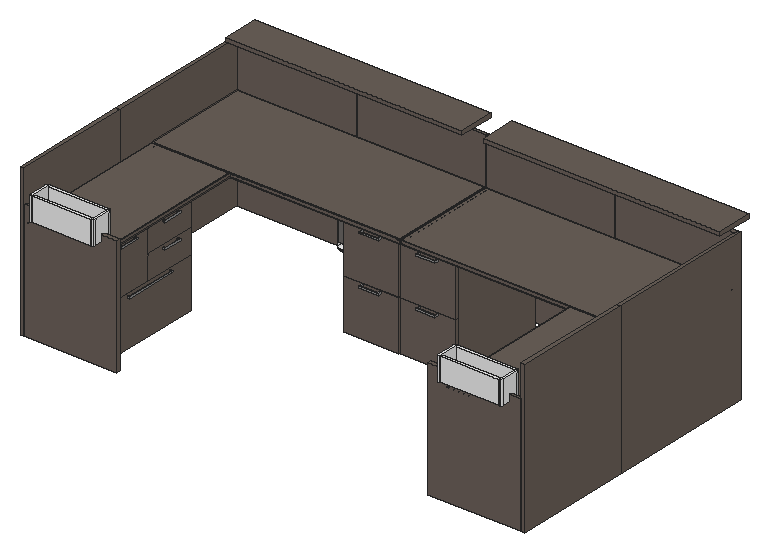
Revit family "OFS TYPICAL T200033", category Furniture, Revit 2022 (continued)
Definition of nested family "STAKS WORKSURFACE HEIGHT MULTI FILE PEDESTAL - NO RISER SUPPORT"
  Forms (in)
    Extrusion 2, solid, material <- "Drawer Material", visible <- "LDR"
      sketch origin (20.35211, 2.25, -7.68015) x (0, 1, 0) y (0, 0, 1)
        loop
          line (-1.62465, 28.68015) -> (-1.62465, 22.05515) -> (-0.87465, 22.05515) -> (-0.87465, 28.68015) -> (-1.62465, 28.68015)
      from -14.3125 to 0.5625
    Extrusion 3, solid, material <- "Chasis Material"
      sketch origin (-3, -1.24965, 0) x (1, 0, 0) y (0, 0, 1)
        loop
          line (8.97711, 0) -> (9.72711, 0) -> (9.72711, 27.875) -> (8.97711, 27.875) -> (8.97711, 0)
      from -21.25 to -2.625
    Extrusion 4, solid, material <- "Chasis Material"
      sketch origin (19.35211, 31.02324, 0) x (0, 1, 0) y (0, 0, 1)
        loop
          line (-11.77289, 0) -> (-11.02289, 0) -> (-11.02289, 27.875) -> (-11.77289, 27.875) -> (-11.77289, 0)
      from -12.625 to 15.875
    Extrusion 5, solid, material <- "Drawer Handle Material"
      sketch origin (9, 0, 9.60933) x (1, 0, 0) y (0, 1, 0)
        loop
          line (4.41461, 0.62535) -> (4.41461, -0.37465) -> (19.53961, -0.37465) -> (19.53961, 0.62535) -> (19.16461, 0.62535) -> (19.16461, -0.18715) -> (4.78961, -0.18715) -> (4.78961, 0.62535) -> (4.41461, 0.62535)
      from 3.92167 to 4.39067
    Extrusion 6, solid, material <- "Chasis Material"
      sketch origin (0, 0, 0) x (1, 0, 0) y (0, 1, 0)
        loop
          line (35.97711, 20.00035) -> (35.22711, 20.00035) -> (35.22711, 1.37535) -> (35.97711, 1.37535) -> (35.97711, 20.00035)
      from 0 to 27.875
    Extrusion 7, solid, material <- "Drawer Material", visible <- "LDR"
      sketch origin (20.35211, 2.25, 0.06985) x (0, 1, 0) y (0, 0, 1)
        loop
          line (-1.62465, 27.80515) -> (-1.62465, 21.05515) -> (-0.87465, 21.05515) -> (-0.87465, 27.80515) -> (-1.62465, 27.80515)
      from -14.3125 to 0.5625
    Extrusion 8, solid, material <- "Chasis Material"
      sketch origin (-29.79592, -1.62465, 7.24693) x (1, 0, 0) y (0, 0, 1)
        loop
          line (36.52304, 19.90932) -> (65.02304, 19.90932) -> (65.02304, 20.62807) -> (36.52304, 20.62807) -> (36.52304, 19.90932)
      from -18.375 to -14.375
    Extrusion 9, solid, material <- "Chasis Material"
      sketch origin (-29.79592, -7.12465, 7.24693) x (1, 0, 0) y (0, 0, 1)
        loop
          line (36.52304, 19.90932) -> (65.02304, 19.90932) -> (65.02304, 20.62807) -> (36.52304, 20.62807) -> (36.52304, 19.90932)
      from -15.5 to -11.5
    Extrusion 10, solid, material <- "Chasis Material"
      sketch origin (-31.5409, -1.62465, -42.72261) x (1, 0, 0) y (0, 0, 1)
        loop
          line (38.26801, 42.72261) -> (66.76801, 42.72261) -> (66.76801, 43.47261) -> (38.26801, 43.47261) -> (38.26801, 42.72261)
      from -20.875 to -3
    Extrusion 11, solid
      sketch origin (0, 0, 0) x (1, 0, 0) y (0, 1, 0)
        loop
          line (35.91411, 20.00035) -> (35.22711, 20.00035) -> (35.22711, 13.37535) -> (6.72711, 13.37535) -> (6.72711, 20.00035) -> (6.03961, 20.00035) -> (6.03961, 1.37535) -> (6.72711, 1.37535) -> (6.72711, 4.37535) -> (35.22711, 4.37535) -> (35.22711, 1.37535) -> (35.91411, 1.37535) -> (35.91411, 20.00035)
        loop
          line (35.22711, 5.00035) -> (35.22711, 12.75035) -> (6.72711, 12.75035) -> (6.72711, 5.00035) -> (35.22711, 5.00035)
      from 27.875 to 28
    Extrusion 12, solid, material <- "Drawer Material", visible <- "LDL"
      sketch origin (21.60211, 2.25, -7.68015) x (0, 1, 0) y (0, 0, -1)
        loop
          line (-1.62465, -28.68015) -> (-0.87465, -28.68015) -> (-0.87465, -22.05515) -> (-1.62465, -22.05515) -> (-1.62465, -28.68015)
      from -14.312 to 0.5625
    Extrusion 13, solid, material <- "Drawer Material", visible <- "LDL"
      sketch origin (21.60211, 2.25, 0.06985) x (0, 1, 0) y (0, 0, -1)
        loop
          line (-1.62465, -27.80515) -> (-0.87465, -27.80515) -> (-0.87465, -21.05515) -> (-1.62465, -21.05515) -> (-1.62465, -27.80515)
      from -14.312 to 0.5625
    Extrusion 14, solid, material <- "Drawer Handle Material"
      sketch origin (6, 0, 28.42137) x (1, 0, 0) y (0, 1, 0)
        loop
          line (4.75836, 0.62535) -> (4.75836, -0.37465) -> (10.25836, -0.37465) -> (10.25836, 0.62535) -> (9.88336, 0.62535) -> (9.88336, -0.18715) -> (5.13336, -0.18715) -> (5.13336, 0.62535) -> (4.75836, 0.62535)
      from -1.26512 to -0.79637
    Extrusion 15, solid, material <- "Drawer Handle Material"
      sketch origin (20.66456, -2.06097, 28.42137) x (1, 0, 0) y (0, 1, 0)
        loop
          line (5.06255, 2.68632) -> (5.06255, 1.68632) -> (10.56255, 1.68632) -> (10.56255, 2.68632) -> (10.18755, 2.68632) -> (10.18755, 1.87382) -> (5.43755, 1.87382) -> (5.43755, 2.68632) -> (5.06255, 2.68632)
      from -1.26512 to -0.79637
    Extrusion 16, solid, material <- "Drawer Handle Material", visible <- "LDR"
      sketch origin (7.00542, -0.5, 20.23287) x (1, 0, 0) y (0, 1, 0)
        loop
          line (3.75294, 1.12535) -> (3.75294, 0.12535) -> (9.25294, 0.12535) -> (9.25294, 1.12535) -> (8.87794, 1.12535) -> (8.87794, 0.31285) -> (4.12794, 0.31285) -> (4.12794, 1.12535) -> (3.75294, 1.12535)
      from 0.04813 to 0.51713
    Extrusion 17, solid, material <- "Drawer Handle Material", visible <- "LDL"
      sketch origin (21.66998, -2.56097, 20.23287) x (1, 0, 0) y (0, 1, 0)
        loop
          line (4.05713, 3.18632) -> (4.05713, 2.18632) -> (9.55713, 2.18632) -> (9.55713, 3.18632) -> (9.18213, 3.18632) -> (9.18213, 2.37382) -> (4.43213, 2.37382) -> (4.43213, 3.18632) -> (4.05713, 3.18632)
      from 0.04813 to 0.51713
    Extrusion 18, solid, material <- "Drawer Material", visible <- "LDL"
      sketch origin (24.41461, 28.53949, -8.13862) x (0, 1, 0) y (0, 0, 1)
        loop
          line (-27.91414, 36.01362) -> (-27.91414, 22.51362) -> (-27.16414, 22.51362) -> (-27.16414, 36.01362) -> (-27.91414, 36.01362)
      from -18.375 to -3.5
    Extrusion 19, solid, material <- "Drawer Material", visible <- "LDR"
      sketch origin (46.20051, 28.53949, -5.07681) x (0, 1, 0) y (0, 0, 1)
        loop
          line (-27.91414, 32.95181) -> (-27.91414, 19.45181) -> (-27.16414, 19.45181) -> (-27.16414, 32.95181) -> (-27.91414, 32.95181)
      from -25.1609 to -10.2864
  Dimensions and locks (in)
    "Board Thickness": plane 13 to plane 12
    locked: plane 11 to plane 14 at 0.0625
    "Board Thickness": plane 11 to plane 16
    locked: plane 15 to plane 18 at 0.063
    "Width": plane 11 to plane 18
    Extrusion 6 sketch curve to plane 18 = 0' - 0 3/4"
    "Board Thickness": plane 19 to plane 18
    equal spacing: plane 11, plane 2 "Right", plane 18
    locked: plane 20 to plane 21 at 0.375
    locked: plane 23 to plane 22 at 0.375
    equal spacing: plane 20, plane 2 "Right", plane 22
    "Drawer Handle Width": plane 20 to plane 22
    plane 25 to plane 24 to plane 13 = 0' - 0 3/16" locked, 0' - 0 13/16" locked
    "Riser Support": plane 6 to level
    "Height": plane 3 to plane 6
    "DH1": plane 4 to plane 6
    "DH2": plane 26 to plane 4
    locked: plane 30 to plane 6 at 0.25
    "Board Thickness": plane 31 to plane 17
    "Depth": plane 13 to plane 17
    plane 4 to plane 5 to plane 7 to plane 9 = 0' - 0 1/8" locked, 0' - 0 1/4" locked, 0' - 0.469" locked
    plane 26 to plane 27 to plane 28 to plane 29 = 0' - 0 1/8" locked, 0' - 0 1/4" locked, 0' - 0.469" locked
    plane 3 to plane 8 to plane 10 = 0' - 0 1/4" locked, 0' - 0 15/32" locked
    "Board Thickness": plane 32 to plane 6
    plane 12 to plane 34 to plane 35 = 0' - 3" locked, 0' - 4" locked
    plane 36 to plane 33 to plane 31 = 0' - 4" locked, 0' - 2 1/2" locked
    locked: plane 34 to plane 37 at 0.625
    locked: plane 36 to plane 38 at 0.625
    locked: plane 39 to plane 3 at 0.125
    plane 40 to plane 2 "Right" to plane 41 = 0' - 0 1/16" locked, 0' - 0 1/16" locked
    locked: plane 46 to plane 43 at 0.375
    locked: plane 44 to plane 45 at 0.375
    "Drawer Handle Width 2": plane 44 to plane 43
    locked: plane 51 to plane 48 at 0.375
    locked: plane 49 to plane 50 at 0.375
    "Drawer Handle Width 2": plane 49 to plane 48
    equal spacing: plane 44, plane 42, plane 43
    equal spacing: plane 48, plane 47, plane 49
    equal spacing: plane 14, plane 42, plane 2 "Right"
    equal spacing: plane 2 "Right", plane 47, plane 18
    aligned and locked: level to plane 1
    aligned and locked: Extrusion 1 to plane 14
    aligned and locked: plane 15 to Extrusion 1
    aligned and locked: Extrusion 2 to plane 12
    aligned and locked: plane 13 to Extrusion 2
    aligned and locked: Extrusion 2 to plane 14
    aligned and locked: plane 12 to Extrusion 3
    aligned and locked: Extrusion 3 to plane 17
    aligned and locked: Extrusion 4 to plane 16
    aligned and locked: plane 16 to Extrusion 3
    aligned and locked: Extrusion 3 to plane 11
    aligned and locked: Extrusion 4 to plane 17
    aligned and locked: Extrusion 1 sketch curve to plane 12
    aligned and locked: plane 13 to Extrusion 1 sketch curve
    aligned and locked: plane 19 to Extrusion 4
    aligned and locked: plane 3 to Extrusion 3
    aligned and locked: Extrusion 5 to plane 22
    aligned and locked: plane 23 to Extrusion 5
    aligned and locked: plane 21 to Extrusion 5
    aligned and locked: Extrusion 5 to plane 20
    aligned and locked: plane 7 to Extrusion 5
    aligned and locked: Extrusion 5 to plane 9
    aligned and locked: plane 3 to Extrusion 4
    aligned and locked: plane 27 to Extrusion 2
    aligned and locked: Extrusion 1 to plane 30
    aligned and locked: Extrusion 7 to plane 26
    aligned and locked: plane 3 to Extrusion 7
    aligned and locked: Extrusion 6 to plane 19
    aligned and locked: Extrusion 7 to plane 14
    aligned and locked: plane 3 to Extrusion 6
    aligned and locked: Extrusion 6 to plane 6
    aligned and locked: plane 3 to Extrusion 8
    aligned and locked: Extrusion 8 to plane 10
    aligned and locked: plane 19 to Extrusion 8
    aligned and locked: Extrusion 8 to plane 16
    aligned and locked: Extrusion 8 to plane 33
    aligned and locked: plane 36 to Extrusion 8
    aligned and locked: plane 34 to Extrusion 9
    aligned and locked: Extrusion 9 to plane 35
    aligned and locked: plane 3 to Extrusion 9
    aligned and locked: Extrusion 9 to plane 10
    aligned and locked: plane 32 to Extrusion 10
    aligned and locked: Extrusion 10 to plane 6
    aligned and locked: Extrusion 10 to plane 31
    aligned and locked: plane 12 to Extrusion 10
    aligned and locked: plane 19 to Extrusion 10
    aligned and locked: Extrusion 10 to plane 16
    aligned and locked: Extrusion 11 to plane 3
    aligned and locked: plane 39 to Extrusion 11
    aligned and locked: plane 40 to Extrusion 7
    aligned and locked: plane 40 to Extrusion 2
    aligned and locked: plane 41 to Extrusion 13
    aligned and locked: plane 41 to Extrusion 12
    aligned and locked: Extrusion 13 to plane 26
    aligned and locked: plane 27 to Extrusion 12
    aligned and locked: plane 3 to Extrusion 13
    aligned and locked: Extrusion 12 to plane 4
    aligned and locked: plane 15 to Extrusion 12
    aligned and locked: plane 15 to Extrusion 13
    aligned and locked: Extrusion 14 to plane 45  (x2)
    aligned and locked: plane 44 to Extrusion 14
    aligned and locked: plane 46 to Extrusion 14
    aligned and locked: Extrusion 14 to plane 43
    aligned and locked: Extrusion 14 to plane 24
    aligned and locked: plane 25 to Extrusion 14
    aligned and locked: Extrusion 14 to plane 13  (x2)
    aligned and locked: Extrusion 15 to plane 13  (x2)
    aligned and locked: Extrusion 15 to plane 24
    aligned and locked: plane 25 to Extrusion 15
    aligned and locked: plane 48 to Extrusion 15
    aligned and locked: Extrusion 15 to plane 51
    aligned and locked: Extrusion 15 to plane 49
    aligned and locked: plane 50 to Extrusion 15
    aligned and locked: plane 8 to Extrusion 14
    aligned and locked: plane 8 to Extrusion 15
    aligned and locked: Extrusion 14 to plane 10
    aligned and locked: Extrusion 15 to plane 10
    aligned and locked: Extrusion 16 to plane 13  (x2)
    aligned and locked: Extrusion 17 to plane 13  (x2)
    aligned and locked: Extrusion 17 to plane 24
    aligned and locked: plane 25 to Extrusion 17
    aligned and locked: Extrusion 16 to plane 24
    aligned and locked: plane 25 to Extrusion 16
    aligned and locked: plane 44 to Extrusion 16
    aligned and locked: Extrusion 16 to plane 45
    aligned and locked: plane 46 to Extrusion 16
    aligned and locked: Extrusion 16 to plane 43
    aligned and locked: plane 48 to Extrusion 17
    aligned and locked: Extrusion 17 to plane 51
    aligned and locked: plane 50 to Extrusion 17
    aligned and locked: Extrusion 17 to plane 49
    aligned and locked: plane 28 to Extrusion 16
    aligned and locked: Extrusion 16 to plane 29
    aligned and locked: plane 28 to Extrusion 17
    aligned and locked: Extrusion 17 to plane 29
    aligned and locked: Extrusion 4 to plane 6
    aligned and locked: Extrusion 3 to plane 6
    aligned and locked: Extrusion 18 to plane 14
    aligned and locked: plane 40 to Extrusion 18
    aligned and locked: Extrusion 18 to plane 4
    aligned and locked: plane 41 to Extrusion 19
    aligned and locked: Extrusion 19 to plane 4
    aligned and locked: plane 15 to Extrusion 19
    aligned and locked: plane 3 to Extrusion 19
    aligned and locked: plane 3 to Extrusion 18
    aligned and locked: plane 13 to Extrusion 18
    aligned and locked: plane 13 to Extrusion 19
    aligned and locked: Extrusion 18 to plane 12
    aligned and locked: Extrusion 19 to plane 12
    aligned and locked: plane 12 to Extrusion 11  (x2)
  Automatic sketch dimensions
    Extrusion 1 sketch curve to plane 30 = 0' - 0"
    Extrusion 1 sketch curve to plane 5 = 0' - 0"
    Extrusion 2 sketch curve to plane 13 = 0' - 0"
    Extrusion 2 sketch curve to plane 4 = 0' - 0"
    Extrusion 2 sketch curve to plane 12 = 0' - 0"
    Extrusion 2 sketch curve to plane 27 = 0' - 0"
    Extrusion 3 sketch curve to plane 6 = 0' - 0"
    Extrusion 3 sketch curve to plane 11 = 0' - 0"
    Extrusion 3 sketch curve to plane 3 = 0' - 0"
    Extrusion 3 sketch curve to plane 16 = 0' - 0"
    Extrusion 4 sketch curve to plane 6 = 0' - 0"
    Extrusion 4 sketch curve to plane 3 = 0' - 0"
    Extrusion 4 sketch curve to plane 17 = 0' - 0"
    plane 31 to Extrusion 4 sketch curve = 0' - 0"
    plane 13 to Extrusion 5 sketch curve = 0' - 0"  (x2)
    Extrusion 5 sketch curve to plane 20 = 0' - 0"
    Extrusion 5 sketch curve to plane 21 = 0' - 0"
    Extrusion 5 sketch curve to plane 23 = 0' - 0"
    Extrusion 5 sketch curve to plane 22 = 0' - 0"
    plane 25 to Extrusion 5 sketch curve = 0' - 0"
    plane 24 to Extrusion 5 sketch curve = 0' - 0"
    plane 12 to Extrusion 6 sketch curve = 0' - 0"
    Extrusion 6 sketch curve to plane 18 = 0' - 0"
    plane 17 to Extrusion 6 sketch curve = 0' - 0"
    Extrusion 7 sketch curve to plane 3 = 0' - 0"
    Extrusion 7 sketch curve to plane 13 = 0' - 0"
    Extrusion 7 sketch curve to plane 12 = 0' - 0"
    Extrusion 7 sketch curve to plane 26 = 0' - 0"
    Extrusion 8 sketch curve to plane 10 = 0' - 0"
    Extrusion 8 sketch curve to plane 16 = 0' - 0"
    Extrusion 8 sketch curve to plane 3 = 0' - 0"
    Extrusion 8 sketch curve to plane 19 = 0' - 0"
    Extrusion 9 sketch curve to plane 10 = 0' - 0"
    Extrusion 9 sketch curve to plane 16 = 0' - 0"
    Extrusion 9 sketch curve to plane 3 = 0' - 0"
    Extrusion 9 sketch curve to plane 19 = 0' - 0"
    Extrusion 10 sketch curve to plane 6 = 0' - 0"
    Extrusion 10 sketch curve to plane 16 = 0' - 0"
    Extrusion 10 sketch curve to plane 19 = 0' - 0"
    Extrusion 10 sketch curve to plane 32 = 0' - 0"
    Extrusion 11 sketch curve to plane 14 = 0' - 0"
    Extrusion 11 sketch curve to plane 16 = 0' - 0"  (x3)
    Extrusion 11 sketch curve to plane 19 = 0' - 0"  (x3)
    plane 17 to Extrusion 11 sketch curve = 0' - 0"  (x2)
    Extrusion 11 sketch curve to plane 13 = 0' - 0 3/4"  (x2)
    Extrusion 11 sketch curve to plane 15 = 0' - 0"
    plane 34 to Extrusion 11 sketch curve = 0' - 0"
    plane 37 to Extrusion 11 sketch curve = 0' - 0"
    plane 36 to Extrusion 11 sketch curve = 0' - 0"
    plane 38 to Extrusion 11 sketch curve = 0' - 0"
    Extrusion 12 sketch curve to plane 13 = 0' - 0"
    plane 4 to Extrusion 12 sketch curve = 0' - 0"
    Extrusion 12 sketch curve to plane 12 = 0' - 0"
    plane 27 to Extrusion 12 sketch curve = 0' - 0"
    plane 3 to Extrusion 13 sketch curve = 0' - 0"
    Extrusion 13 sketch curve to plane 13 = 0' - 0"
    Extrusion 13 sketch curve to plane 12 = 0' - 0"
    plane 26 to Extrusion 13 sketch curve = 0' - 0"
    plane 13 to Extrusion 14 sketch curve = 0' - 0"  (x2)
    Extrusion 14 sketch curve to plane 44 = 0' - 0"
    Extrusion 14 sketch curve to plane 45 = 0' - 0"
    plane 24 to Extrusion 14 sketch curve = 0' - 0"
    Extrusion 14 sketch curve to plane 46 = 0' - 0"
    Extrusion 14 sketch curve to plane 43 = 0' - 0"
    plane 25 to Extrusion 14 sketch curve = 0' - 0"
    plane 13 to Extrusion 15 sketch curve = 0' - 0"  (x2)
    Extrusion 15 sketch curve to plane 48 = 0' - 0"
    Extrusion 15 sketch curve to plane 51 = 0' - 0"
    plane 24 to Extrusion 15 sketch curve = 0' - 0"
    Extrusion 15 sketch curve to plane 50 = 0' - 0"
    Extrusion 15 sketch curve to plane 49 = 0' - 0"
    plane 25 to Extrusion 15 sketch curve = 0' - 0"
    plane 13 to Extrusion 16 sketch curve = 0' - 0"  (x2)
    Extrusion 16 sketch curve to plane 44 = 0' - 0"
    Extrusion 16 sketch curve to plane 45 = 0' - 0"
    plane 24 to Extrusion 16 sketch curve = 0' - 0"
    Extrusion 16 sketch curve to plane 46 = 0' - 0"
    Extrusion 16 sketch curve to plane 43 = 0' - 0"
    plane 25 to Extrusion 16 sketch curve = 0' - 0"
    plane 13 to Extrusion 17 sketch curve = 0' - 0"  (x2)
    Extrusion 17 sketch curve to plane 48 = 0' - 0"
    Extrusion 17 sketch curve to plane 51 = 0' - 0"
    plane 24 to Extrusion 17 sketch curve = 0' - 0"
    Extrusion 17 sketch curve to plane 50 = 0' - 0"
    Extrusion 17 sketch curve to plane 49 = 0' - 0"
    plane 25 to Extrusion 17 sketch curve = 0' - 0"
    plane 36 to Extrusion 18 sketch curve = 1' - 0 1/8"
    plane 4 to Extrusion 18 sketch curve = 0' - 0"
    Extrusion 18 sketch curve to Extrusion 18 sketch curve = 0' - 0 3/4"
    plane 26 to Extrusion 18 sketch curve = 0' - 6 3/4"
    plane 36 to Extrusion 19 sketch curve = 1' - 0 1/8"
    Extrusion 19 sketch curve to plane 29 = 0' - 5.906"
    Extrusion 19 sketch curve to Extrusion 19 sketch curve = 0' - 0 3/4"
    plane 10 to Extrusion 19 sketch curve = 0' - 0 23/32"
Definition of nested family "STAKS WORKSURFACE HEIGHT PEDESTAL - FILE-FILE - NO RISER SUPPORT"
  Parameters (values of type "STAKS WORKSURFACE HEIGHT PEDESTAL - FILE-FILE - NO RISER SUPPORT 19in D")
    URL = "http://www.ofs.com/"
    Riser Support = 0' - 0"
    Model = "6-NW1619MPD3"
    Manufacturer = "OFS"
    Height = 2' - 3 7/8"
    Drawer Material = none
    Drawer Handle Width = 0' - 5 7/16"
    Drawer Handle Material = none
    Description = "OFS STAKS WORKSURFACE HEIGHT PEDESTAL - FILE-FILE - NO RISER SUPPORT 19\" D, Two File Drawers, Use with 22\"D Worksurfaces"
    Width = 1' - 3 5/8"
    Depth = 1' - 7 3/8"
    Default Elevation = 0' - 0"
    DH2 = 0' - 6 1/2"
    DH1 = 1' - 2 3/8"
    Copyright © = "© 2018 OFS"
    Chasis Material = none
    Catalog = "https://ofs.com/products/casegoods/private-office/staks"
    Board Thickness = 0' - 0 3/4"
    Authoring Version = "Autodesk Revit Architecture 2013"
    Assembly Code = "E2020200"
  Types (6): name | Model | Description | Depth
    STAKS WORKSURFACE HEIGHT PEDESTAL - FILE-FILE - NO RISER SUPPORT 19in D | "6-NW1619MPD3" | "OFS STAKS WORKSURFACE HEIGHT PEDESTAL - FILE-FILE - NO RISER SUPPORT 19\" D, Two File Drawers, Use with 22\"D Worksurfaces" | 1' - 7 3/8"
    STAKS WORKSURFACE HEIGHT PEDESTAL - FILE-FILE - NO RISER SUPPORT 22in D | "6-NW1622MPD3" | "OFS STAKS WORKSURFACE HEIGHT PEDESTAL - FILE-FILE - NO RISER SUPPORT 22\" D, Two File Drawers, Use with 22\"D Worksurfaces" | 1' - 9 7/8"
    STAKS WORKSURFACE HEIGHT PEDESTAL - FILE-FILE - NO RISER SUPPORT 27in D | "6-NW1627MPD3" | "OFS STAKS WORKSURFACE HEIGHT PEDESTAL - FILE-FILE - NO RISER SUPPORT 27\" D, Two File Drawers, Use with 30\"D Worksurfaces" | 2' - 3 3/8"
    STAKS WORKSURFACE HEIGHT PEDESTAL - FILE-FILE - NO RISER SUPPORT 30in D | "6-NW1630MPD3" | "OFS STAKS WORKSURFACE HEIGHT PEDESTAL - FILE-FILE - NO RISER SUPPORT 30\" D, Two File Drawers, Use with 30\"D Worksurfaces" | 2' - 5 7/8"
    STAKS WORKSURFACE HEIGHT PEDESTAL - FILE-FILE - NO RISER SUPPORT 33in D | "6-NW1633MPD3" | "OFS STAKS WORKSURFACE HEIGHT PEDESTAL - FILE-FILE - NO RISER SUPPORT 33\" D, Two File Drawers, Use with 36\"D Worksurfaces" | 2' - 9 3/8"
    STAKS WORKSURFACE HEIGHT PEDESTAL - FILE-FILE - NO RISER SUPPORT 36in D | "6-NW1636MPD3" | "OFS STAKS WORKSURFACE HEIGHT PEDESTAL - FILE-FILE - NO RISER SUPPORT 36\" D, Two File Drawers, Use with 36\"D Worksurfaces" | 2' - 11 7/8"
  Reference planes (in)
    plane 1: z = 0
    plane 2 "Right": x = 20.97711
    plane 3: z = 27.875
    plane 4: z = 14.375
    plane 5: z = 14.25
    plane 6: z = 0
    plane 7: z = 14
    plane 8: z = 27.625
    plane 9: z = 13.531
    plane 10: z = 27.15625
    plane 11: x = 13.16461
    plane 12: y = 1.37535
    plane 13: y = 0.62535
    plane 14: x = 13.22711
    plane 15: x = 28.72661
    plane 16: x = 13.91461
    plane 17: y = 20.00035
    plane 18: x = 28.78961
    plane 19: x = 28.03961
    plane 20: x = 18.25836
    plane 21: x = 18.63336
    plane 22: x = 23.69586
    plane 23: x = 23.32086
    plane 24: y = -0.18715
    plane 25: y = -0.37465
    plane 26: z = 0.25
    plane 27: y = 19.25035
    plane 28: z = 0.75
    plane 29: y = 16.75035
    plane 30: y = 4.37535
    plane 31: y = 8.37535
    plane 32: y = 12.75035
    plane 33: y = 5.00035
    plane 34: y = 13.37535
    plane 35: z = 28
  Forms (in)
    Extrusion 1, solid, material <- "Drawer Material"
      sketch origin (20.35211, 5, -13.1802) x (0, 1, 0) y (0, 0, 1)
        loop
          line (-4.37465, 27.4302) -> (-4.37465, 13.4302) -> (-3.62465, 13.4302) -> (-3.62465, 27.4302) -> (-4.37465, 27.4302)
      from -7.125 to 8.3745
    Extrusion 2, solid, material <- "Drawer Material"
      sketch origin (20.35211, 2.25, -7.68015) x (0, 1, 0) y (0, 0, 1)
        loop
          line (-1.62465, 35.55515) -> (-1.62465, 22.05515) -> (-0.87465, 22.05515) -> (-0.87465, 35.55515) -> (-1.62465, 35.55515)
      from -7.125 to 8.3745
    Extrusion 3, solid, material <- "Chasis Material"
      sketch origin (-3, -1.24965, 0) x (1, 0, 0) y (0, 0, 1)
        loop
          line (16.16461, 0) -> (16.91461, 0) -> (16.91461, 27.875) -> (16.16461, 27.875) -> (16.16461, 0)
      from -21.25 to -2.625
    Extrusion 4, solid, material <- "Chasis Material"
      sketch origin (19.35211, 31.02324, 0) x (0, 1, 0) y (0, 0, 1)
        loop
          line (-11.77289, 0) -> (-11.02289, 0) -> (-11.02289, 27.875) -> (-11.77289, 27.875) -> (-11.77289, 0)
      from -5.4375 to 8.6875
    Extrusion 5, solid, material <- "Drawer Handle Material"
      sketch origin (9, 0, 9.60933) x (1, 0, 0) y (0, 1, 0)
        loop
          line (9.25836, 0.62535) -> (9.25836, -0.37465) -> (14.69586, -0.37465) -> (14.69586, 0.62535) -> (14.32086, 0.62535) -> (14.32086, -0.18715) -> (9.63336, -0.18715) -> (9.63336, 0.62535) -> (9.25836, 0.62535)
      from 3.92167 to 4.39067
    Extrusion 6, solid, material <- "Drawer Handle Material"
      sketch origin (9, 0, 20.67137) x (1, 0, 0) y (0, 1, 0)
        loop
          line (9.25836, 0.62535) -> (9.25836, -0.37465) -> (14.69586, -0.37465) -> (14.69586, 0.62535) -> (14.32086, 0.62535) -> (14.32086, -0.18715) -> (9.63336, -0.18715) -> (9.63336, 0.62535) -> (9.25836, 0.62535)
      from 6.48488 to 6.95363
    Extrusion 7, solid, material <- "Chasis Material"
      sketch origin (0, 0, 0) x (1, 0, 0) y (0, 1, 0)
        loop
          line (28.78961, 20.00035) -> (28.03961, 20.00035) -> (28.03961, 1.37535) -> (28.78961, 1.37535) -> (28.78961, 20.00035)
      from 0 to 27.875
    Extrusion 8, solid, material <- "Chasis Material"
      sketch origin (-29.79592, -1.62465, 7.24693) x (1, 0, 0) y (0, 0, 1)
        loop
          line (43.71054, 19.90932) -> (57.83554, 19.90932) -> (57.83554, 20.62807) -> (43.71054, 20.62807) -> (43.71054, 19.90932)
      from -18.375 to -14.375
    Extrusion 9, solid, material <- "Chasis Material"
      sketch origin (-29.79592, -7.12465, 7.24693) x (1, 0, 0) y (0, 0, 1)
        loop
          line (43.71054, 19.90932) -> (57.83554, 19.90932) -> (57.83554, 20.62807) -> (43.71054, 20.62807) -> (43.71054, 19.90932)
      from -15.5 to -11.5
    Extrusion 10, solid, material <- "Chasis Material"
      sketch origin (-31.5409, -1.62465, -42.72261) x (1, 0, 0) y (0, 0, 1)
        loop
          line (45.45551, 42.72261) -> (59.58051, 42.72261) -> (59.58051, 43.47261) -> (45.45551, 43.47261) -> (45.45551, 42.72261)
      from -20.875 to -3
    Extrusion 11, solid
      sketch origin (0, 0, 0) x (1, 0, 0) y (0, 1, 0)
        loop
          line (28.72661, 20.00035) -> (28.03961, 20.00035) -> (28.03961, 13.37535) -> (13.91461, 13.37535) -> (13.91461, 20.00035) -> (13.22711, 20.00035) -> (13.22711, 1.37535) -> (13.91461, 1.37535) -> (13.91461, 4.37535) -> (28.03961, 4.37535) -> (28.03961, 1.37535) -> (28.72661, 1.37535) -> (28.72661, 20.00035)
        loop
          line (28.03961, 5.00035) -> (28.03961, 12.75035) -> (13.91461, 12.75035) -> (13.91461, 5.00035) -> (28.03961, 5.00035)
      from 27.875 to 28
  Dimensions and locks (in)
    "Board Thickness": plane 13 to plane 12
    locked: plane 11 to plane 14 at 0.0625
    "Board Thickness": plane 11 to plane 16
    locked: plane 15 to plane 18 at 0.063
    "Width": plane 11 to plane 18
    Extrusion 7 sketch curve to plane 18 = 0' - 0 3/4"
    "Board Thickness": plane 19 to plane 18
    equal spacing: plane 11, plane 2 "Right", plane 18
    locked: plane 20 to plane 21 at 0.375
    locked: plane 23 to plane 22 at 0.375
    equal spacing: plane 20, plane 2 "Right", plane 22
    "Drawer Handle Width": plane 20 to plane 22
    plane 25 to plane 24 to plane 13 = 0' - 0 3/16" locked, 0' - 0 13/16" locked
    "Riser Support": plane 6 to level
    "Height": plane 3 to plane 6
    "DH1": plane 4 to plane 6
    locked: plane 26 to plane 6 at 0.25
    "Board Thickness": plane 27 to plane 17
    "Depth": plane 13 to plane 17
    plane 4 to plane 5 to plane 7 to plane 9 = 0' - 0 1/8" locked, 0' - 0 1/4" locked, 0' - 0.469" locked
    plane 3 to plane 8 to plane 10 = 0' - 0 1/4" locked, 0' - 0 15/32" locked
    "Board Thickness": plane 28 to plane 6
    plane 12 to plane 30 to plane 31 = 0' - 3" locked, 0' - 4" locked
    plane 32 to plane 29 to plane 27 = 0' - 4" locked, 0' - 2 1/2" locked
    locked: plane 30 to plane 33 at 0.625
    locked: plane 32 to plane 34 at 0.625
    locked: plane 35 to plane 3 at 0.125
    aligned and locked: level to plane 1
    aligned and locked: Extrusion 1 to plane 14
    aligned and locked: plane 15 to Extrusion 1
    aligned and locked: Extrusion 2 to plane 12
    aligned and locked: plane 13 to Extrusion 2
    aligned and locked: plane 15 to Extrusion 2
    aligned and locked: Extrusion 2 to plane 14
    aligned and locked: plane 12 to Extrusion 3
    aligned and locked: Extrusion 3 to plane 17
    aligned and locked: Extrusion 4 to plane 16
    aligned and locked: plane 16 to Extrusion 3
    aligned and locked: Extrusion 3 to plane 11
    aligned and locked: Extrusion 4 to plane 17
    aligned and locked: Extrusion 1 sketch curve to plane 12
    aligned and locked: plane 13 to Extrusion 1 sketch curve
    aligned and locked: plane 19 to Extrusion 4
    aligned and locked: plane 3 to Extrusion 3
    aligned and locked: Extrusion 6 to plane 22
    aligned and locked: Extrusion 5 to plane 22
    aligned and locked: plane 23 to Extrusion 6
    aligned and locked: plane 23 to Extrusion 5
    aligned and locked: plane 21 to Extrusion 6
    aligned and locked: plane 21 to Extrusion 5
    aligned and locked: Extrusion 6 to plane 20
    aligned and locked: Extrusion 5 to plane 20
    aligned and locked: plane 24 to Extrusion 6
    aligned and locked: plane 7 to Extrusion 5
    aligned and locked: Extrusion 5 to plane 9
    aligned and locked: plane 3 to Extrusion 4
    aligned and locked: Extrusion 1 to plane 26
    aligned and locked: Extrusion 7 to plane 19
    aligned and locked: plane 3 to Extrusion 7
    aligned and locked: Extrusion 7 to plane 6
    aligned and locked: plane 3 to Extrusion 8
    aligned and locked: Extrusion 8 to plane 10
    aligned and locked: plane 19 to Extrusion 8
    aligned and locked: Extrusion 8 to plane 16
    aligned and locked: Extrusion 8 to plane 29
    aligned and locked: plane 32 to Extrusion 8
    aligned and locked: plane 30 to Extrusion 9
    aligned and locked: Extrusion 9 to plane 31
    aligned and locked: plane 3 to Extrusion 9
    aligned and locked: Extrusion 9 to plane 10
    aligned and locked: plane 28 to Extrusion 10
    aligned and locked: Extrusion 10 to plane 6
    aligned and locked: Extrusion 10 to plane 27
    aligned and locked: plane 12 to Extrusion 10
    aligned and locked: plane 19 to Extrusion 10
    aligned and locked: Extrusion 10 to plane 16
    aligned and locked: Extrusion 11 to plane 3
    aligned and locked: plane 35 to Extrusion 11
    aligned and locked: plane 3 to Extrusion 2
    aligned and locked: plane 8 to Extrusion 6
    aligned and locked: Extrusion 6 to plane 10
  Automatic sketch dimensions
    Extrusion 1 sketch curve to plane 26 = 0' - 0"
    Extrusion 1 sketch curve to plane 5 = 0' - 0"
    Extrusion 2 sketch curve to plane 13 = 0' - 0"
    Extrusion 2 sketch curve to plane 4 = 0' - 0"
    Extrusion 2 sketch curve to plane 12 = 0' - 0"
    Extrusion 3 sketch curve to plane 6 = 0' - 0"
    Extrusion 3 sketch curve to plane 11 = 0' - 0"
    Extrusion 3 sketch curve to plane 3 = 0' - 0"
    Extrusion 3 sketch curve to plane 16 = 0' - 0"
    Extrusion 4 sketch curve to plane 6 = 0' - 0"
    Extrusion 4 sketch curve to plane 3 = 0' - 0"
    Extrusion 4 sketch curve to plane 17 = 0' - 0"
    plane 27 to Extrusion 4 sketch curve = 0' - 0"
    plane 13 to Extrusion 5 sketch curve = 0' - 0"  (x2)
    Extrusion 5 sketch curve to plane 20 = 0' - 0"
    Extrusion 5 sketch curve to plane 21 = 0' - 0"
    Extrusion 5 sketch curve to plane 23 = 0' - 0"
    Extrusion 5 sketch curve to plane 22 = 0' - 0"
    plane 25 to Extrusion 5 sketch curve = 0' - 0"
    plane 24 to Extrusion 5 sketch curve = 0' - 0"
    plane 13 to Extrusion 6 sketch curve = 0' - 0"  (x2)
    Extrusion 6 sketch curve to plane 20 = 0' - 0"
    Extrusion 6 sketch curve to plane 21 = 0' - 0"
    Extrusion 6 sketch curve to plane 23 = 0' - 0"
    Extrusion 6 sketch curve to plane 22 = 0' - 0"
    plane 25 to Extrusion 6 sketch curve = 0' - 0"
    plane 24 to Extrusion 6 sketch curve = 0' - 0"
    plane 12 to Extrusion 7 sketch curve = 0' - 0"
    Extrusion 7 sketch curve to plane 18 = 0' - 0"
    plane 17 to Extrusion 7 sketch curve = 0' - 0"
    Extrusion 8 sketch curve to plane 10 = 0' - 0"
    Extrusion 8 sketch curve to plane 16 = 0' - 0"
    Extrusion 8 sketch curve to plane 3 = 0' - 0"
    Extrusion 8 sketch curve to plane 19 = 0' - 0"
    Extrusion 9 sketch curve to plane 10 = 0' - 0"
    Extrusion 9 sketch curve to plane 16 = 0' - 0"
    Extrusion 9 sketch curve to plane 3 = 0' - 0"
    Extrusion 9 sketch curve to plane 19 = 0' - 0"
    plane 14 to Extrusion 10 sketch curve = 0' - 0 11/16"
    Extrusion 10 sketch curve to plane 6 = 0' - 0"
    plane 6 to Extrusion 10 sketch curve = 0' - 0 3/4"
    Extrusion 10 sketch curve to plane 19 = 0' - 0"
    Extrusion 11 sketch curve to plane 14 = 0' - 0"
    Extrusion 11 sketch curve to plane 19 = 0' - 0"  (x2)
    Extrusion 11 sketch curve to plane 15 = 0' - 0"
    Extrusion 11 sketch curve to plane 13 = 0' - 0 3/4"  (x2)
    Extrusion 11 sketch curve to plane 30 = 0' - 0"
    Extrusion 11 sketch curve to plane 33 = 0' - 0"
    Extrusion 11 sketch curve to plane 34 = 0' - 0"
    Extrusion 11 sketch curve to plane 32 = 0' - 0"
    Extrusion 11 sketch curve to Extrusion 11 sketch curve = 0' - 0"  (x2)
    Extrusion 11 sketch curve to plane 16 = 0' - 0"  (x2)
    plane 17 to Extrusion 11 sketch curve = 0' - 0"  (x2)
    plane 4 to Extrusion 2 sketch curve = 1' - 1 1/2"
Definition of nested family "STAKS BENCHING CANTILEVER WORKSURFACE BRACKET - MINI CONCEALED"
  Parameters (values of type "STAKS CANTILEVER WORKSURFACE BRACKET - MINI CONCEALED")
    Width = 0' - 1 1/2"
    URL = "http://www.ofs.com/"
    Model = "WSBKTC"
    Manufacturer = "OFS"
    Height From Floor = 2' - 3 7/8"
    Height = 0' - 3 1/2"
    Description = "OFS STAKS BENCHING CANTILEVER WORKSURFACE BRACKET - Low Profile Concealed Cantilever Bracket"
    Depth = 0' - 3 1/2"
    Default Elevation = 0' - 0"
    Copyright © = "© 2018 OFS"
    Catalog = "https://ofs.com/products/open-plan/benching/staks"
    Bracket Material = none
    Authoring Version = "Autodesk Revit Architecture 2013"
    Assembly Code = "E2020200"
  Reference planes (in)
    plane 1: z = 0
    plane 2 "Center (Front/Back)": y = 1.12535
    plane 3 "LEFT": x = -17.25
    plane 4 "BASE TOP": z = 27.875
    plane 5 "RIGHT": x = -15.75
    plane 6: z = 24.375
    plane 7: y = 2.87535
    plane 8 "CENTER": x = -16.5
    plane 9: y = -0.62465
    plane 10: z = 26.875
    plane 11: y = 1.87535
    plane 12: z = 24.875
    plane 13: y = -0.12465
    plane 14: x = -16.375
    plane 15: x = -16.625
    plane 16: y = 0.50035
  Forms (in)
    Extrusion 1, solid, material <- "Bracket Material"
      sketch origin (-16.5, 0, 0) x (0, 1, 0) y (0, 0, 1)
        loop
          line (-0.62465, 27.875) -> (-0.62465, 27.82031) -> (1.8527, 27.82031) -> (2.82066, 26.85235) -> (2.82066, 24.375) -> (2.87535, 24.375) -> (2.87535, 26.875) -> (1.87535, 27.875) -> (-0.62465, 27.875)
      from -0.75 to 0.75
    Extrusion 2, void
      sketch origin (0, 1.12535, 0) x (1, 0, 0) y (0, 0, 1)
        loop
          circle (-16.99183, 26.15668) r 0.09375
        loop
          circle (-16.00817, 25.13628) r 0.09375
      from -1.75 to -1.1009
    Extrusion 3, void
      sketch origin (0, 0, 0) x (1, 0, 0) y (0, 1, 0)
        loop
          circle (-16.93617, 1.09413) r 0.09375
        loop
          circle (-16.06383, -0.12462) r 0.09375
      from 25.0365 to 29.23009
  Cuts and joins
    Extrusion 2, Extrusion 3 cuts Extrusion 1
  Dimensions and locks (in)
    "Height From Floor": plane 4 "BASE TOP" to plane 1
    "Height": plane 4 "BASE TOP" to plane 6
    equal spacing: plane 3 "LEFT", plane 8 "CENTER", plane 5 "RIGHT"
    equal spacing: plane 9, plane 2 "Center (Front/Back)", plane 7
    "Width": plane 3 "LEFT" to plane 5 "RIGHT"
    "Depth": plane 9 to plane 7
    locked: plane 4 "BASE TOP" to plane 10 at 1
    locked: plane 7 to plane 11 at 1
    locked: plane 13 to plane 9 at 0.5
    locked: plane 6 to plane 12 at 0.5
    plane 14 to plane 8 "CENTER" to plane 15 = 0' - 0 1/8" locked, 0' - 0 1/8" locked
    plane 16 to plane 13 = 0' - 0 5/8"
    aligned and locked: level to plane 1
    aligned and locked: plane 4 "BASE TOP" to Extrusion 1 sketch curve
    aligned and locked: plane 7 to Extrusion 1 sketch curve
    aligned and locked: plane 9 to Extrusion 1 sketch curve
    aligned and locked: plane 6 to Extrusion 1 sketch curve
    aligned and locked: Extrusion 1 to plane 3 "LEFT"
    aligned and locked: plane 5 "RIGHT" to Extrusion 1
    aligned and locked: Extrusion 2 to plane 7
  Automatic sketch dimensions
    plane 7 to Extrusion 1 sketch curve = 0' - 0 7/128"
    Extrusion 1 sketch curve to plane 11 = 0' - 0"
    plane 10 to Extrusion 1 sketch curve = 0' - 0"
    plane 11 to Extrusion 1 sketch curve = 0' - 0.02265"
    plane 10 to Extrusion 1 sketch curve = 0' - 0.02265"
    plane 4 "BASE TOP" to Extrusion 1 sketch curve = 0' - 0 7/128"
    Extrusion 3 sketch curve to Extrusion 3 sketch curve = 0' - 1 7/32"
    plane 3 "LEFT" to Extrusion 2 sketch curve = 0' - 0.25817"
    Extrusion 2 sketch curve to plane 5 "RIGHT" = 0' - 0.25817"
    Extrusion 2 sketch curve to plane 12 = 0' - 0.26128"
    Extrusion 2 sketch curve to Extrusion 2 sketch curve = 0' - 1.0204"
    plane 15 to Extrusion 3 sketch curve = 0' - 0.31117"
    plane 14 to Extrusion 3 sketch curve = 0' - 0.31117"
    Extrusion 3 sketch curve to plane 9 = 0' - 0.50003"
    radius of Extrusion 3 sketch curve = 0' - 0 3/32"  (x2)
    radius of Extrusion 2 sketch curve = 0' - 0 3/32"  (x2)
Definition of nested family "OFS ELEVEN WOOD WIRE MANAGER VERTICALS"
  Parameters (values of type "Wire Manager Vertical for Light Duty")
    Width = 0' - 5"
    URL = "http://www.ofs.com/"
    Medium Duty = no
    Light Duty = yes
    Leg Glide = none
    Model = "VCWM3"
    Manufacturer = "OFS"
    Structure = none
    Leg = none
    Height = 2' - 3 3/4"
    Felt = none
    Depth = 0' - 3 1/2"
    Description = "OFS ELEVEN WOOD WIRE MANAGER VERTICAL, For Light Duty Cabling, Accepts Wires 3/8\" Diameter or Less"
    Default Elevation = 0' - 0"
    Copyright © = "©OFS 2019"
    Catalog = "https://ofs.com/products/tables/cafedining/eleven-wood"
    Authoring Version = "Autodesk Revit Architecture 2015"
    Assembly Code = "E2020200"
  Types (3): name | Width | Medium Duty | Light Duty | Model | Height | Depth | Description
    Wire Manager Vertical for Light Duty | 0' - 5" | no | yes | "VCWM3" | 2' - 3 3/4" | 0' - 3 1/2" | "OFS ELEVEN WOOD WIRE MANAGER VERTICAL, For Light Duty Cabling, Accepts Wires 3/8\" Diameter or Less"
    Wire Manager Vertical for Medium Duty | 0' - 4 1/8" | yes | no | "VCWM4" | 2' - 3 5/8" | 0' - 2 1/8" | "OFS ELEVEN WOOD WIRE MANAGER VERTICAL, For Medium Duty Cabling, Will Accept Flexible Conduit and Multiple Wire Sizes"
    Wire Manager Vertical for Medium Duty Standing H | 0' - 4 1/8" | yes | no | "VCWM9" | 3' - 4 3/8" | 0' - 2 1/8" | "OFS ELEVEN WOOD WIRE MANAGER VERTICAL, For Medium Duty Cabling, Will Accept Flexible Conduit and Multiple Wire Sizes, Use with Standing Height Tables"
  Reference planes (in)
    plane 1 "Center (Front/Back)": y = 0
    plane 2: z = 0
    plane 3 "Center (Left/Right)": x = 0
    plane 4: x = 2.5
    plane 5: x = -2.5
    plane 6: y = 1.75
    plane 7: y = -1.75
    plane 8: z = 27.75
    plane 9: z = 0.4375
    plane 10: z = 27.625
    plane 11: z = 1.9375
    plane 12: z = 25.6875
  Forms (in)
    Extrusion 1, solid, material <- "Leg", visible <- "Light Duty"
      sketch origin (0, 0, 0) x (1, 0, 0) y (0, 1, 0)
        loop
          line (1.09375, 0.9375) -> (-1.09375, 0.9375) -> (-1.46875, 0.5625) -> (-1.46875, -0.5625) -> (-1.09375, -0.9375) -> (-0.4375, -0.9375) -> (-0.4375, -0.96875) -> (0.4375, -0.96875) -> (0.4375, -0.9375) -> (1.09375, -0.9375) -> (1.46875, -0.5625) -> (1.46875, 0.5625) -> (1.09375, 0.9375)
      from 0.4375 to 27.625
    Extrusion 2, void
      sketch origin (0, 0, 0) x (1, 0, 0) y (0, 0, 1)
        loop
          line (0.46875, 1.075) -> (-0.46875, 1.075)
          arc (-0.46875, 1.075) -> (-0.64553, 1.00178) -> (-0.71875, 0.825) r 0.25
          line (-0.71875, 0.825) -> (-0.71875, 0) -> (0.71875, 0) -> (0.71875, 0.825)
          arc (0.71875, 0.825) -> (0.64553, 1.00178) -> (0.46875, 1.075) r 0.25
      from 0 to 1.75
    Extrusion 3, solid, material <- "Structure", visible <- "Light Duty"
      sketch origin (0, 0, 0) x (1, 0, 0) y (0, 1, 0)
        loop
          line (2.5, 1.75) -> (-2.5, 1.75) -> (-2.5, -1.75) -> (2.5, -1.75) -> (2.5, 1.75)
      from 27.625 to 27.75
    Extrusion 4, void
      sketch origin (0, 0, 28.07957) x (1, 0, 0) y (0, 0, 1)
        loop
          arc (0.46875, -1.075) -> (0.64553, -1.00178) -> (0.71875, -0.825) r 0.25
          line (0.71875, -0.825) -> (0.71875, -0.32957) -> (-0.71875, -0.32957) -> (-0.71875, -0.825)
          arc (-0.71875, -0.825) -> (-0.64553, -1.00178) -> (-0.46875, -1.075) r 0.25
          line (-0.46875, -1.075) -> (0.46875, -1.075)
      from 0 to 1.75
    Revolve 5, solid, material <- "Leg Glide", visible <- "Light Duty"
      sketch origin (0, 0, 0) x (0, 1, 0) y (0, 0, 1)
        loop
          line (0.85007, 0.4) -> (0.80655, 0.4) -> (0.80655, 0.4375) -> (0.5625, 0.4375) -> (0.5625, 0) -> (0.85007, 0)
          arc (0.85007, 0) -> (0.94088, 0.12193) -> (0.85007, 0.24387) r 0.12727
          line (0.85007, 0.24387) -> (0.85007, 0.4)
        axis (0.5625, 0.4375) -> (0.5625, 0)
      angle from 0 to 360
    Extrusion 6, solid, material <- "Felt", visible <- "Medium Duty"
      sketch origin (0, 0, 0) x (1, 0, 0) y (0, 1, 0)
        loop
          arc (-2.25, 1.75) -> (-2.42678, 1.67678) -> (-2.5, 1.5) r 0.25
          line (-2.5, 1.5) -> (-2.5, -0.375)
          arc (-2.5, -0.375) -> (-2.42678, -0.55178) -> (-2.25, -0.625) r 0.25
          line (-2.25, -0.625) -> (2.25, -0.625)
          arc (2.25, -0.625) -> (2.42678, -0.55178) -> (2.5, -0.375) r 0.25
          line (2.5, -0.375) -> (2.5, 1.5)
          arc (2.5, 1.5) -> (2.42678, 1.67678) -> (2.25, 1.75) r 0.25
          line (2.25, 1.75) -> (-2.25, 1.75)
        loop
          line (-2.4375, 1.5) -> (-2.4375, -0.375)
          arc (-2.4375, -0.375) -> (-2.38258, -0.50758) -> (-2.25, -0.5625) r 0.1875
          line (-2.25, -0.5625) -> (2.25, -0.5625)
          arc (2.25, -0.5625) -> (2.38258, -0.50758) -> (2.4375, -0.375) r 0.1875
          line (2.4375, -0.375) -> (2.4375, 1.5)
          arc (2.4375, 1.5) -> (2.38258, 1.63258) -> (2.25, 1.6875) r 0.1875
          line (2.25, 1.6875) -> (-2.25, 1.6875)
          arc (-2.25, 1.6875) -> (-2.38258, 1.63258) -> (-2.4375, 1.5) r 0.1875
      from 1.9375 to 25.6875
    Extrusion 7, solid, material <- "Structure", visible <- "Medium Duty"
      sketch origin (0, 0, 0) x (1, 0, 0) y (0, 0, 1)
        loop
          line (-2.28125, 27.625) -> (-2.40625, 27.625) -> (-2.40625, 1.4375)
          arc (-2.40625, 1.4375) -> (-1.98522, 0.42103) -> (-0.96875, 0) r 1.4375
          line (-0.96875, 0) -> (0.96875, 0)
          arc (0.96875, 0) -> (1.98522, 0.42103) -> (2.40625, 1.4375) r 1.4375
          line (2.40625, 1.4375) -> (2.40625, 27.625) -> (2.28125, 27.625) -> (2.28125, 1.4375)
          arc (2.28125, 1.4375) -> (1.89683, 0.50942) -> (0.96875, 0.125) r 1.3125
          line (0.96875, 0.125) -> (-0.96875, 0.125)
          arc (-0.96875, 0.125) -> (-1.89683, 0.50942) -> (-2.28125, 1.4375) r 1.3125
          line (-2.28125, 1.4375) -> (-2.28125, 27.625)
      from -0.95313 to 0.54687
    Extrusion 8, solid, material <- "Structure", visible <- "Medium Duty"
      sketch origin (0, 0, 0) x (1, 0, 0) y (0, 1, 0)
        loop
          arc (-2.28125, 1.64063) -> (-2.36964, 1.60401) -> (-2.40625, 1.51563) r 0.125
          line (-2.40625, 1.51563) -> (-2.40625, -1.625)
          arc (-2.40625, -1.625) -> (-2.36964, -1.71339) -> (-2.28125, -1.75) r 0.125
          line (-2.28125, -1.75) -> (2.28125, -1.75)
          arc (2.28125, -1.75) -> (2.36964, -1.71339) -> (2.40625, -1.625) r 0.125
          line (2.40625, -1.625) -> (2.40625, 1.51563)
          arc (2.40625, 1.51563) -> (2.36964, 1.60401) -> (2.28125, 1.64063) r 0.125
          line (2.28125, 1.64063) -> (-2.28125, 1.64063)
        loop
          circle (-1.79833, -1.43315) r 0.09375
        loop
          circle (1.79833, -1.43315) r 0.09375
        loop
          circle (-1.79833, 1.43315) r 0.09375
        loop
          circle (1.79833, 1.43315) r 0.09375
      from 27.625 to 27.75
  Cuts and joins
    Extrusion 2, Extrusion 4 cuts Extrusion 1
  Dimensions and locks (in)
    equal spacing: plane 5, plane 3 "Center (Left/Right)", plane 4
    "Width": plane 5 to plane 4
    equal spacing: plane 7, plane 1 "Center (Front/Back)", plane 6
    "Depth": plane 7 to plane 6
    "Height": plane 8 to level
    locked: plane 9 to plane 2 at 0.4375
    locked: plane 8 to plane 10 at 0.125
    locked: plane 11 to plane 9 at 1.5
    locked: plane 10 to plane 12 at 1.9375
    aligned and locked: level to plane 2
    aligned and locked: Extrusion 1 to plane 9
    aligned and locked: plane 10 to cut or joined group of Extrusion 1, Extrusion 2, Extrusion 4
    aligned and locked: Extrusion 3 sketch curve to plane 6
    aligned and locked: Extrusion 3 sketch curve to plane 4
    aligned and locked: plane 7 to Extrusion 3 sketch curve
    aligned and locked: Extrusion 3 sketch curve to plane 5
    aligned and locked: plane 8 to Extrusion 3
    aligned and locked: Extrusion 3 to plane 10
    aligned and locked: plane 8 to Extrusion 4
    aligned and locked: Extrusion 6 sketch curve to Extrusion 3  (x3)
    aligned and locked: Extrusion 6 to plane 11
    aligned and locked: plane 12 to Extrusion 6
    aligned and locked: plane 10 to Extrusion 7  (x2)
    aligned and locked: plane 7 to Extrusion 8 sketch curve
    aligned and locked: plane 8 to Extrusion 8
    aligned and locked: Extrusion 8 to plane 10
  Automatic sketch dimensions
    plane 5 to Extrusion 1 sketch curve = 0' - 1 1/32"
    Extrusion 1 sketch curve to Extrusion 1 sketch curve = 0' - 0 3/8"  (x6)
    Extrusion 1 sketch curve to plane 3 "Center (Left/Right)" = 0' - 0 7/16"
    plane 3 "Center (Left/Right)" to Extrusion 1 sketch curve = 0' - 0 7/16"
    plane 3 "Center (Left/Right)" to Extrusion 1 sketch curve = 0' - 1 3/32"
    Extrusion 1 sketch curve to Extrusion 1 sketch curve = 0' - 0 21/32"
    plane 7 to Extrusion 1 sketch curve = 0' - 0 25/32"
    Extrusion 1 sketch curve to Extrusion 1 sketch curve = 0' - 0 1/32"  (x2)
    Extrusion 1 sketch curve to plane 1 "Center (Front/Back)" = 0' - 0 9/16"  (x2)
    Extrusion 2 sketch curve to level = 0' - 0"
    Extrusion 2 sketch curve to plane 3 "Center (Left/Right)" = 0' - 0 23/32"
    Extrusion 2 sketch curve to Extrusion 2 sketch curve = 0' - 0 1/4"
    plane 3 "Center (Left/Right)" to Extrusion 2 sketch curve = 0' - 0 15/32"
    plane 3 "Center (Left/Right)" to Extrusion 2 sketch curve = 0' - 0 23/32"
    plane 9 to Extrusion 2 sketch curve = 0' - 0.3875"
    plane 3 "Center (Left/Right)" to Extrusion 4 sketch curve = 0' - 0 23/32"
    Extrusion 4 sketch curve to Extrusion 4 sketch curve = 0' - 0 1/4"
    Extrusion 4 sketch curve to plane 3 "Center (Left/Right)" = 0' - 0 15/32"
    Extrusion 4 sketch curve to plane 3 "Center (Left/Right)" = 0' - 0 23/32"
    Extrusion 4 sketch curve to plane 10 = 0' - 0 1/8"
    Extrusion 4 sketch curve to Extrusion 4 sketch curve = 0' - 0.49543"
    Revolve 5 sketch curve to level = 0' - 0"
    Revolve 5 sketch curve to plane 9 = 0' - 0"
    Revolve 5 sketch curve to plane 1 "Center (Front/Back)" = 0' - 0 9/16"
    Revolve 5 sketch curve to Revolve 5 sketch curve = 0' - 0.24405"
    level to Revolve 5 sketch curve = 0' - 0.12193"
    Revolve 5 sketch curve to Revolve 5 sketch curve = 0' - 0.00707"
    Revolve 5 sketch curve to Revolve 5 sketch curve = 0' - 0.03646"
    Revolve 5 sketch curve to Revolve 5 sketch curve = 0' - 0.04353"
    Revolve 5 sketch curve to Revolve 5 sketch curve = 0' - 0.0375"
    Revolve 5 sketch curve to Revolve 5 sketch curve = 0' - 0"
    Revolve 5 sketch curve to Revolve 5 sketch curve = 0' - 0 1/4"
    Revolve 5 sketch curve to Revolve 5 sketch curve = 0' - 0 1/2"
    plane 5 to Extrusion 6 sketch curve = 0' - 0 1/4"  (x2)
    Extrusion 6 sketch curve to plane 4 = 0' - 0 1/4"  (x2)
    plane 1 "Center (Front/Back)" to Extrusion 6 sketch curve = 0' - 0 3/8"
    Extrusion 6 sketch curve to Extrusion 6 sketch curve = 0' - 0"  (x7)
    plane 5 to Extrusion 6 sketch curve = 0' - 0 1/16"
    Extrusion 7 sketch curve to Extrusion 7 sketch curve = 0' - 0"  (x4)
    plane 11 to Extrusion 7 sketch curve = 2' - 1 11/16"  (x2)
    Extrusion 7 sketch curve to level = 0' - 0"
    plane 5 to Extrusion 7 sketch curve = 0' - 0 3/32"
    Extrusion 7 sketch curve to Extrusion 7 sketch curve = 0' - 0 1/8"
    Extrusion 7 sketch curve to plane 3 "Center (Left/Right)" = 0' - 0 31/32"
    plane 3 "Center (Left/Right)" to Extrusion 7 sketch curve = 0' - 0 31/32"
    Extrusion 7 sketch curve to plane 4 = 0' - 0 3/32"
    plane 5 to Extrusion 8 sketch curve = 0' - 0 3/32"
    Extrusion 8 sketch curve to Extrusion 8 sketch curve = 0' - 0 1/8"  (x2)
    plane 6 to Extrusion 8 sketch curve = 0' - 0 7/64"
    Extrusion 8 sketch curve to Extrusion 8 sketch curve = 0' - 0.48292"  (x2)
    plane 6 to Extrusion 8 sketch curve = 0' - 0.31685"  (x2)
    Extrusion 8 sketch curve to plane 4 = 0' - 0.70167"  (x2)
    plane 7 to Extrusion 8 sketch curve = 0' - 0.31685"  (x2)
    Extrusion 8 sketch curve to plane 4 = 0' - 0 7/32"  (x2)
    Extrusion 8 sketch curve to plane 4 = 0' - 0 3/32"
    radius of Extrusion 8 sketch curve = 0' - 0 3/32"  (x4)
Definition of nested family "STAKS ELECTRICAL POWER BLOCK FOR RECEPTACLE DOUBLE HALF Four Circuit"
  Parameters (values of type "POWER BLOCK FOR RECEPTACLE DOUBLE HALF Four Circuit")
    URL = "http://www.ofs.com/"
    Model = "PHBD1"
    Manufacturer = "OFS"
    Description = "OFS STAKS ELECTRICAL POWER BLOCK FOR RECEPTACLE DOUBLE HALF Four Circuit, Double Half Block, Receives Two Duplex Receptacle (Single Sided)"
    Default Elevation = 0' - 0"
    Copyright © = "© 2018 OFS BRANDS"
    Catalog = "https://ofs.com/products/casegoods/private-office/staks"
    Authoring Version = "Autodesk Revit Architecture 2013"
    Assembly Code = "E2020200"
  Reference planes (in)
    plane 1: z = 0
    plane 2 "Center (Front/Back)": y = 20.00035
    plane 3 "SURFACE": z = 27.875
    plane 4 "CENTER LEFT/RIGHT": x = -2.01926
  Forms (in)
    Extrusion 1, solid
      sketch origin (-0.75878, 19.82976, 0.05361) x (-1, 0, 0) y (0, 0, -1)
        loop
          line (1.26048, -26.44639) -> (5.74615, -26.44639) -> (5.74615, -24.4064) -> (1.26048, -24.4064) -> (1.26048, -26.44639)
      from -0.17059 to 0.6794
    Extrusion 2, void
      sketch origin (-14.10363, 20.00035, 0) x (1, 0, 0) y (0, 0, 1)
        loop
          line (7.74988, 26.39126) -> (7.74988, 24.57319) -> (11.25252, 24.57319) -> (11.25252, 26.39126) -> (7.74988, 26.39126)
      from 0.20002 to 0.85
    Extrusion 3, solid
      sketch origin (-6.96096, 35.24922, 0) x (0, -1, 0) y (0, 0, -1)
        loop
          line (15.8445, -26.36188) -> (15.8445, -24.59715) -> (15.50315, -24.59715) -> (15.50315, -26.36188) -> (15.8445, -26.36188)
      from 0 to 0.45603
    Extrusion 4, solid
      sketch origin (-3.27973, 20.17085, 0.05361) x (1, 0, 0) y (0, 0, 1)
        loop
          line (1.26048, 26.44639) -> (1.26048, 24.4064) -> (5.74615, 24.4064) -> (5.74615, 26.44639) -> (1.26048, 26.44639)
      from 0.17059 to 1.0205
    Extrusion 5, void
      sketch origin (10.06512, 20.00026, 0) x (-1, 0, 0) y (0, 0, -1)
        loop
          line (7.74988, -26.39126) -> (11.25252, -26.39126) -> (11.25252, -24.57319) -> (7.74988, -24.57319) -> (7.74988, -26.39126)
      from 0.20002 to 0.84991
    Extrusion 6, solid
      sketch origin (2.92244, 35.24913, 0) x (0, -1, 0) y (0, 0, 1)
        loop
          line (15.8445, 26.36188) -> (15.50315, 26.36188) -> (15.50315, 24.59715) -> (15.8445, 24.59715) -> (15.8445, 26.36188)
      from 0 to 0.45603
  Cuts and joins
    Extrusion 2, Extrusion 5 cuts Extrusion 1
    joined: Extrusion 1, Extrusion 3
    Extrusion 5 cuts Extrusion 4
    joined: Extrusion 4, Extrusion 6
  Lines and regions (in)
    Masking region 1
      outline origin (-14.10363, 0, 0) x (1, 0, 0) y (0, 1, 0)
        loop
          line (16.57005, 20.85026) -> (7.5987, 20.85026) -> (7.5987, 20.59598) -> (7.14267, 20.59598) -> (7.14267, 20.25463) -> (7.5987, 20.25463) -> (7.5987, 19.74607) -> (7.14267, 19.74607) -> (7.14267, 19.40472) -> (7.5987, 19.40472) -> (7.5987, 19.15035) -> (16.57005, 19.15035) -> (16.57005, 19.40472) -> (17.02607, 19.40472) -> (17.02607, 19.74607) -> (16.57005, 19.74607) -> (16.57005, 20.25463) -> (17.02607, 20.25463) -> (17.02607, 20.59598) -> (16.57005, 20.59598) -> (16.57005, 20.85026)
  Dimensions and locks (in)
    aligned and locked: level to plane 1
    aligned: cut or joined group of Extrusion 1, Extrusion 2, Extrusion 3, Extrusion 5 to cut or joined group of Extrusion 1, Extrusion 2, Extrusion 3, Extrusion 5  (x3)
    aligned and locked: cut or joined group of Extrusion 1, Extrusion 2, Extrusion 3, Extrusion 5 to Extrusion 2
    aligned and locked: Extrusion 5 to Extrusion 4
Definition of nested family "STAKS BENCHING CANTILEVER WORKSURFACE BRACKET - OPEN"
  Parameters (values of type "STAKS CANTILEVER WORKSURFACE BRACKET - OPEN 36in")
    Width = 0' - 1 1/2"
    URL = "http://www.ofs.com/"
    Model = "OWSBKT36"
    Manufacturer = "OFS"
    Height From Floor = 2' - 3 7/8"
    Height = 0' - 7"
    Description = "OFS STAKS BENCHING CANTILEVER WORKSURFACE BRACKET - Open Cantilever Worksurface Bracket for 36\"W Top"
    Depth = 2' - 4"
    Default Elevation = 0' - 0"
    Copyright © = "© 2018 OFS"
    Catalog = "https://ofs.com/products/open-plan/benching/staks"
    Bracket Material = none
    Authoring Version = "Autodesk Revit Architecture 2013"
    Assembly Code = "E2020200"
    Alpha = 0' - 1"
  Types (4): name | URL | Model | Manufacturer | Description | Depth | Copyright © | Catalog | Alpha
    CANTILEVER WORKSURFACE BRACKET - OPEN 14in | "http://www.ofsbrands.com/" | "OWSBKT14" | "FIRST OFFICE" | "OFS BRANDS FIRST OFFICE STAKS BENCHING CANTILEVER WORKSURFACE BRACKET - Open Cantilever Worksurface Bracket for 14\"W Top" | 0' - 11" | "© 2018 OFS BRANDS" | "http://www.firstoffice.com/products/crossover/staks_benching/" | 0' - 0 1/2"
    CANTILEVER WORKSURFACE BRACKET - OPEN 22in | "http://www.ofsbrands.com/" | "OWSBKT22" | "FIRST OFFICE" | "OFS BRANDS FIRST OFFICE STAKS BENCHING CANTILEVER WORKSURFACE BRACKET - Open Cantilever Worksurface Bracket for 22\"W Top" | 1' - 4" | "© 2018 OFS BRANDS" | "http://www.firstoffice.com/products/crossover/staks_benching/" | 0' - 0 5/8"
    CANTILEVER WORKSURFACE BRACKET - OPEN 30in | "http://www.ofsbrands.com/" | "OWSBKT30" | "FIRST OFFICE" | "OFS BRANDS FIRST OFFICE STAKS BENCHING CANTILEVER WORKSURFACE BRACKET - Open Cantilever Worksurface Bracket for 30\"W Top" | 1' - 10" | "© 2018 OFS BRANDS" | "http://www.firstoffice.com/products/crossover/staks_benching/" | 0' - 0 7/8"
    STAKS CANTILEVER WORKSURFACE BRACKET - OPEN 36in | "http://www.ofs.com/" | "OWSBKT36" | "OFS" | "OFS STAKS BENCHING CANTILEVER WORKSURFACE BRACKET - Open Cantilever Worksurface Bracket for 36\"W Top" | 2' - 4" | "© 2018 OFS" | "https://ofs.com/products/open-plan/benching/staks" | 0' - 1"
  Reference planes (in)
    plane 1: z = 0
    plane 2 "Center (Front/Back)": y = -11.12465
    plane 3 "LEFT": x = -17.25
    plane 4 "BASE TOP": z = 27.875
    plane 5 "RIGHT": x = -15.75
    plane 6: z = 20.875
    plane 7: y = 2.87535
    plane 8 "CENTER": x = -16.5
    plane 9: y = -25.12465
    plane 10: z = 25.875
    plane 11: y = 0.87535
    plane 12: z = 21.375
    plane 13: y = -24.62465
    plane 14: x = -16.375
    plane 15: x = -16.625
    plane 16: y = -23.62465
  Forms (in)
    Extrusion 1, solid, material <- "Bracket Material"
      sketch origin (-16.5, 0, 0) x (0, 1, 0) y (0, 0, 1)
        loop
          line (-25.12465, 27.875) -> (-25.12465, 27.82031) -> (0.8527, 27.82031) -> (2.82066, 25.85235) -> (2.82066, 20.875) -> (2.87535, 20.875) -> (2.87535, 25.875) -> (0.87535, 27.875) -> (-25.12465, 27.875)
      from -0.75 to 0.75
    Extrusion 2, solid
      sketch origin (-16.5, 0, 0) x (0, 1, 0) y (0, 0, 1)
        loop
          line (2.82066, 21.375) -> (2.82066, 21.66876) -> (-23.62465, 27.82031) -> (-24.62465, 27.82031) -> (2.82066, 21.375)
      from -0.125 to 0.125
    Extrusion 3, void
      sketch origin (0, -11.12465, 0) x (1, 0, 0) y (0, 0, 1)
        loop
          circle (-16.99183, 23.37543) r 0.09375
        loop
          circle (-16.99183, 25.56923) r 0.09375
        loop
          circle (-16.99183, 21.18077) r 0.09375
        loop
          line (-16.10192, 24.58008) -> (-16.10192, 24.41381)
          arc (-16.10192, 24.41381) -> (-16.00817, 24.32006) -> (-15.91442, 24.41381) r 0.09375
          line (-15.91442, 24.41381) -> (-15.91442, 24.58008)
          arc (-15.91442, 24.58008) -> (-16.00817, 24.67383) -> (-16.10192, 24.58008) r 0.09375
